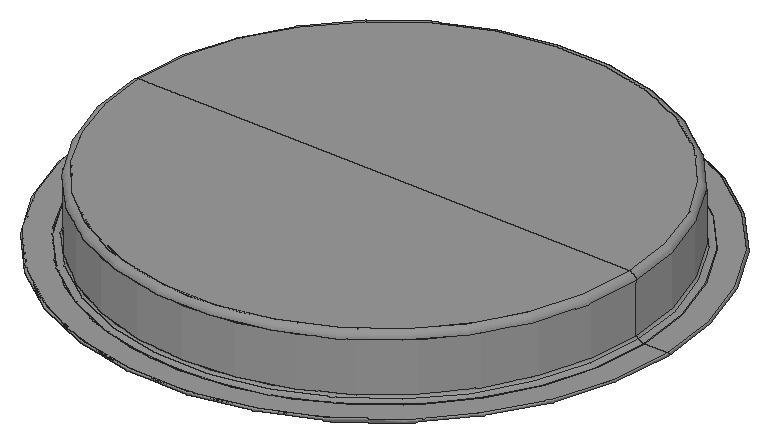
Revit family "MIA12_63_UN_Downlighter_ETK", category Lighting Fixtures, Revit 2017 (continued)
Definition of nested family "MIA.1 - Lightsource"
  Types (8, lengths in mm): name | Wattage | built-in parameter 1150134 | Photometric Web File | built-in parameter 1150142 | built-in parameter 1150105 | Lumens | built-in parameter 1150107 | built-in parameter 1150106
      8072 312.5106 \r\n309.5975 306.3218 303.0219 299.8549 296.9781 293.2914 \r\n289.9674 286.5103 282.8599 279.1249 275.559 271.2559 \r\n267.7868 263.5441 259.2893 255.2278 250.9005 246.7908 \r\n242.0887 237.1208 232.6846 227.8375 223.7157 218.2763 \r\n212.8369 207.3976 202.3812 197.2924 192.2277 186.9334 \r\n181.7237 176.7194 171.4856 166.2758 160.6672 155.2158 \r\n149.8731 144.4216 138.9581 133.6275 128.4298 122.8938 \r\n117.2851 111.8095 106.4306 100.8582 95.3584 89.9432 84.4192 \r\n79.0886 73.758 68.234 62.9034 57.6454 52.4961 47.2984 \r\n42.1492 37.1449 32.2253 27.2936 22.4586 17.7203 13.0062 \r\n8.4492 4.0735 1.1121 0.0604 0.0604 0.0604 0.0604 0.0725 \r\n0.0725 0.0725 0.0846 0.0846 0.0967 0.1088 0.1209 0.1209 \r\n0.133 0.133 0.1571 0.1571 0.1692 0.1813 0.1813 0.1934 \r\n0.2055 0.2055 0.2176 0.2297 0.2297 0.2418 0.2538 0.2538 \r\n0.2659 0.2659 0.278 0.2901 0.2901 0.3022 0.3022 0.3143 \r\n0.3264 0.3264 0.3385 0.3385 0.3505 0.3505 0.3626 0.3626 \r\n0.3747 0.3868 0.3868 0.3868 0.411 0.411 0.4231 0.4231 \r\n0.4352 0.4352 0.4472 0.4472 0.4593 0.4593 0.4593 0.4714 \r\n0.4714 0.4714 0.4835 0.4835 0.4835 0.4956 0.4956 0.5198 \r\n0.5198 0.5319 0.5439 0.5439 0.556 0.5681 0.5802 0.5923 \r\n0.5923 0.6044 0.6044 0.6165 0.6165 0.6165 0.6165 0.6286 \r\n0.6286 0.6286 0.6286 0.6286 0.6286 0.6406 \r\n347.3105 347.2259 347.5644 346.8875 346.0776 344.0106 \r\n343.9018 343.2612 342.1612 340.5657 339.6833 338.0152 \r\n335.8637 334.2923 332.4066 330.5572 328.9254 326.3508 \r\n324.0904 321.5762 319.3521 316.4269 313.5501 311.0117 \r\n308.014 304.968 301.8373 297.9935 295.3947 291.9255 \r\n288.2872 284.9873 281.2764 277.2392 273.4437 269.5032 \r\n265.0671 261.2233 256.8113 253.3664 248.6402 244.1919 \r\n239.5503 235.223 230.5572 225.9398 221.0444 216.2456 \r\n211.2656 206.2734 201.4989 196.5188 191.1761 186.0389 \r\n180.8776 175.4382 170.1438 164.7286 159.2409 154.14 \r\n148.7489 143.2612 137.7372 132.189 126.9431 121.129 \r\n115.9072 110.4194 104.9317 99.4319 93.9925 88.4202 83.1621 \r\n77.6623 72.235 67.0615 61.6826 56.4366 51.1664 46.0534 \r\n40.9525 35.9483 30.9924 26.0486 21.274 16.4511 11.7732 \r\n7.2283 3.0219 0.689 0.0846 0.0846 0.0725 0.0725 0.0725 \r\n0.0725 0.0725 0.0725 0.0725 0.0846 0.0846 0.0967 0.0967 \r\n0.1088 0.1088 0.1209 0.133 0.1451 0.1571 0.1571 0.1692 \r\n0.1813 0.1813 0.1934 0.2055 0.2176 0.2176 0.2297 0.2297 \r\n0.2418 0.2538 0.2659 0.2659 0.278 0.278 0.278 0.2901 0.2901 \r\n0.3022 0.3143 0.3264 0.3264 0.3264 0.3385 0.3385 0.3505 \r\n0.3626 0.3626 0.3868 0.3868 0.3868 0.3989 0.3989 0.411 \r\n0.411 0.4231 0.4352 0.4352 0.4352 0.4352 0.4472 0.4472 \r\n0.4472 0.4593 0.4593 0.4593 0.4714 0.4714 0.4956 0.4956 \r\n0.5077 0.5077 0.5198 0.5439 0.556 0.556 0.556 0.5681 0.5802 \r\n0.5923 0.6165 0.6286 0.6286 0.6286 0.6406 0.6406 0.6406 \r\n0.6406 0.6406 0.6406 0.6406 \r\n346.7666 346.4402 345.9567 345.9446 345.3282 344.204 \r\n343.8293 342.4634 341.1822 340.2998 338.5833 337.3625 \r\n335.9362 333.8813 331.8143 330.2671 327.9463 326.0123 \r\n323.1234 320.851 318.8444 316.161 313.3084 309.9601 307.047 \r\n304.4119 301.0274 298.2352 294.5002 291.164 287.5257 284.25 \r\n280.6479 276.792 273.202 268.9955 264.7286 260.4497 \r\n256.6421 252.0972 247.9874 243.7689 239.3207 234.3406 \r\n229.9045 225.2992 220.0169 214.7347 209.4524 204.3515 \r\n199.033 194.0409 188.9399 184.0687 178.9073 173.8547 \r\n168.5241 163.121 157.8025 152.2422 146.8875 141.4481 \r\n136.0812 130.7869 125.1058 119.7026 114.3721 108.7997 \r\n103.3724 97.8605 92.4816 87.0543 81.6632 76.1876 70.7845 \r\n65.4901 60.1837 54.974 49.8006 44.5062 39.4778 34.4615 \r\n29.5298 24.719 19.896 15.1094 10.4557 5.9591 2.0911 0.2538 \r\n0.0725 0.0725 0.0725 0.0725 0.0725 0.0846 0.0846 0.0967 \r\n0.0967 0.1088 0.1209 0.1209 0.133 0.1451 0.1451 0.1571 \r\n0.1692 0.1692 0.1813 0.1934 0.1934 0.2176 0.2176 0.2297 \r\n0.2297 0.2418 0.2538 0.2538 0.2659 0.278 0.278 0.2901 \r\n0.2901 0.3022 0.3022 0.3143 0.3264 0.3264 0.3385 0.3385 \r\n0.3505 0.3505 0.3626 0.3626 0.3747 0.3747 0.3868 0.3868 \r\n0.3989 0.411 0.4231 0.4231 0.4352 0.4352 0.4472 0.4593 \r\n0.4593 0.4593 0.4714 0.4714 0.4714 0.4835 0.4835 0.4835 \r\n0.4835 0.4956 0.4956 0.5198 0.5198 0.5319 0.5439 0.556 \r\n0.556 0.5681 0.5802 0.5923 0.5923 0.6044 0.6044 0.6165 \r\n0.6165 0.6165 0.6165 0.6286 0.6286 0.6286 0.6286 0.6286 \r\n0.6286 0.6286 0.6406 \r\n348.3742 347.5281 347.0446 347.1171 345.6545 344.7842 \r\n343.8777 343.237 342.1008 340.3965 338.4987 337.5438 \r\n335.912 334.1956 332.2737 329.9529 327.7408 325.8915 \r\n323.3652 320.5488 318.3126 315.8226 312.6315 309.8392 \r\n307.0591 303.2636 300.5198 297.5341 294.0892 290.463 \r\n286.8609 282.6061 279.0161 275.5953 271.2438 267.8956 \r\n263.6287 259.6156 255.0465 251.1302 247.0688 241.9437 \r\n237.6163 232.9385 228.3694 223.6674 218.7598 213.8281 \r\n208.6547 204.0251 198.9605 194.1738 189.0729 183.6335 \r\n178.7381 173.4196 167.9197 162.7342 157.2465 151.8433 \r\n146.2106 140.8316 135.1988 129.832 124.308 118.7477 \r\n113.2117 107.7602 102.3208 97.099 91.5146 86.0389 80.5633 \r\n75.2206 69.7329 64.5111 59.2288 53.9707 48.7731 43.6359 \r\n38.6196 33.6637 28.732 23.7036 18.9653 14.2391 9.537 5.0888 \r\n1.5835 0.1451 0.0846 0.0846 0.0846 0.0846 0.0846 0.0846 \r\n0.0846 0.0846 0.0846 0.0846 0.0846 0.0967 0.0967 0.1209 \r\n0.1209 0.133 0.1451 0.1571 0.1571 0.1571 0.1692 0.1813 \r\n0.1934 0.2055 0.2055 0.2176 0.2297 0.2297 0.2418 0.2418 \r\n0.2538 0.2659 0.2659 0.278 0.278 0.2901 0.2901 0.3022 \r\n0.3022 0.3264 0.3264 0.3264 0.3264 0.3385 0.3385 0.3505 \r\n0.3626 0.3626 0.3747 0.3868 0.3868 0.3989 0.411 0.411 \r\n0.4231 0.4352 0.4352 0.4472 0.4472 0.4472 0.4472 0.4472 \r\n0.4472 0.4593 0.4593 0.4593 0.4714 0.4835 0.4956 0.4956 \r\n0.5077 0.5198 0.5319 0.5439 0.556 0.556 0.5681 0.5681 \r\n0.5802 0.5923 0.6165 0.6286 0.6406 0.6406 0.6406 0.6527 \r\n0.6527 0.6527 0.6648 0.6406 0.6406 \r\n347.794 347.371 346.549 345.9688 345.4491 344.1557 343.1403 \r\n342.959 341.8953 340.8316 339.2965 338.0152 336.5526 \r\n334.2439 332.5758 330.7385 328.2364 325.9277 323.6069 \r\n321.1531 318.0829 315.8951 312.9941 310.1777 306.8174 \r\n304.1702 301.0758 297.6429 294.3914 290.8014 287.2477 \r\n283.7906 280.1644 276.5623 272.1262 268.1736 264.1605 \r\n259.8936 255.7597 251.5774 246.4886 242.3305 237.8581 \r\n233.2165 228.6595 224.2596 218.8323 213.4051 207.9898 \r\n202.9373 197.8847 193.0134 188.0938 182.6544 177.2996 \r\n172.0778 166.6143 161.1386 155.9289 150.6588 145.3161 \r\n139.8042 134.3165 128.7199 123.3893 117.8049 112.4501 \r\n106.902 101.4384 95.9265 90.5597 84.9752 79.4875 74.1569 \r\n68.8867 63.5803 58.153 53.0037 47.8545 42.7052 37.6526 \r\n32.6725 27.7529 22.8938 18.0708 13.3688 8.7393 4.3757 \r\n1.2571 0.0725 0.0725 0.0725 0.0725 0.0846 0.0846 0.0967 \r\n0.1088 0.1088 0.1088 0.1209 0.133 0.1451 0.1451 0.1571 \r\n0.1571 0.1692 0.1813 0.1934 0.1934 0.2055 0.2055 0.2176 \r\n0.2297 0.2418 0.2418 0.2538 0.2659 0.2659 0.278 0.2901 \r\n0.3022 0.3022 0.3022 0.3143 0.3143 0.3264 0.3264 0.3385 \r\n0.3385 0.3505 0.3626 0.3626 0.3747 0.3747 0.3868 0.3989 \r\n0.3989 0.3989 0.411 0.4231 0.4352 0.4352 0.4472 0.4472 \r\n0.4593 0.4593 0.4714 0.4714 0.4835 0.4835 0.4835 0.4835 \r\n0.4835 0.4956 0.4956 0.5077 0.5077 0.5198 0.5319 0.5439 \r\n0.5439 0.556 0.556 0.5681 0.5802 0.5923 0.6044 0.6044 \r\n0.6165 0.6165 0.6165 0.6165 0.6286 0.6286 0.6286 0.6406 \r\n0.6406 0.6286 0.6286 0.6286 0.6406 \r\n346.5369 347.3589 346.6941 345.5578 344.8689 344.5546 \r\n343.6843 342.4755 341.2909 340.0701 337.979 336.4439 \r\n334.7033 332.878 330.8957 328.7804 326.242 324.5497 \r\n322.4828 319.6543 317.128 314.1061 311.5073 308.9568 \r\n306.1767 302.4538 299.6857 296.2045 292.9772 289.0729 \r\n285.5796 282.1588 278.4238 274.3503 270.4219 266.6747 \r\n262.3595 258.2618 253.7773 249.5105 245.026 240.8558 \r\n236.0571 231.5242 226.7376 221.9267 217.5269 212.4622 \r\n207.3009 202.3208 197.1232 192.2398 187.2598 182.1226 \r\n176.5623 171.4614 166.1912 160.8969 155.4817 150.1632 \r\n144.748 139.1877 133.6637 128.043 122.5553 117.1038 \r\n111.6403 106.1646 100.7011 95.2133 89.7981 84.5763 78.9073 \r\n73.6371 68.1857 63.0968 57.6816 52.5565 47.371 42.2338 \r\n37.1328 32.2495 27.342 22.4707 17.7324 13.0424 8.425 4.0856 \r\n1.1604 0.1088 0.0846 0.0846 0.0846 0.0846 0.0846 0.0846 \r\n0.0846 0.0846 0.0846 0.0846 0.0967 0.1088 0.1209 0.1209 \r\n0.133 0.1451 0.1451 0.1571 0.1692 0.1813 0.1813 0.2055 \r\n0.2055 0.2176 0.2176 0.2176 0.2297 0.2418 0.2538 0.2659 \r\n0.2659 0.2659 0.278 0.278 0.2901 0.2901 0.3022 0.3143 \r\n0.3264 0.3264 0.3264 0.3264 0.3385 0.3385 0.3505 0.3626 \r\n0.3747 0.3868 0.3868 0.3868 0.3989 0.411 0.411 0.4231 \r\n0.4352 0.4472 0.4352 0.4472 0.4472 0.4472 0.4472 0.4593 \r\n0.4593 0.4593 0.4593 0.4714 0.4714 0.4956 0.4956 0.5077 \r\n0.5077 0.5198 0.5319 0.556 0.556 0.556 0.5681 0.5681 0.5802 \r\n0.6044 0.6286 0.6286 0.6406 0.6406 0.6406 0.6648 0.6648 \r\n0.6648 0.6648 0.6527 0.6406 \r\n347.0688 347.0204 346.4402 345.8238 345.4249 344.7722 \r\n343.9502 343.0315 341.6536 340.2031 338.68 337.1812 \r\n335.2593 333.3011 331.3067 329.4935 327.5474 325.2025 \r\n322.7124 320.0894 317.3818 314.9039 312.3776 309.3678 \r\n306.5393 303.4329 300.133 296.8814 293.6299 290.0157 \r\n286.7158 282.8116 279.2095 275.2689 271.3042 267.0374 \r\n262.8792 258.8662 254.5509 250.3082 245.9567 241.5327 \r\n236.7098 232.2253 227.4024 223.1355 217.5269 211.9304 \r\n207.0833 202.1516 197.4374 192.0343 186.8004 181.9775 \r\n176.5986 171.2196 165.8286 160.5464 155.0949 149.6313 \r\n144.059 138.813 133.5187 127.9342 122.519 116.9709 111.5073 \r\n106.08 100.5681 95.1287 89.7377 84.3467 78.8469 73.3591 \r\n68.0648 62.6858 57.4761 52.2785 47.2138 42.0283 36.8911 \r\n31.9715 27.0277 22.1806 17.5148 12.7886 8.2558 3.9889 \r\n1.0758 0.0725 0.0725 0.0725 0.0846 0.0846 0.0846 0.0967 \r\n0.0967 0.1088 0.1209 0.1209 0.133 0.1451 0.1571 0.1571 \r\n0.1692 0.1813 0.1813 0.1934 0.2055 0.2176 0.2297 0.2297 \r\n0.2418 0.2418 0.2538 0.2659 0.2659 0.278 0.2901 0.2901 \r\n0.3022 0.3022 0.3143 0.3264 0.3264 0.3264 0.3385 0.3505 \r\n0.3505 0.3626 0.3626 0.3626 0.3747 0.3868 0.3868 0.3989 \r\n0.3989 0.411 0.411 0.4231 0.4352 0.4352 0.4472 0.4593 \r\n0.4593 0.4714 0.4714 0.4714 0.4835 0.4835 0.4835 0.4956 \r\n0.4956 0.4956 0.4956 0.5077 0.5077 0.5198 0.5319 0.5439 \r\n0.5439 0.556 0.5681 0.5681 0.5923 0.5923 0.6044 0.6044 \r\n0.6165 0.6286 0.6286 0.6286 0.6286 0.6286 0.6406 0.6406 \r\n0.6406 0.6406 0.6406 0.6406 0.6406 \r\n347.794 347.5885 347.0083 346.0293 345.9084 344.9776 \r\n343.4304 342.1612 341.9437 339.8404 338.813 337.3988 \r\n335.3922 333.5549 331.6088 329.7836 327.8134 325.42 \r\n322.7366 320.1982 317.5752 314.4446 312.148 309.4041 \r\n306.4547 302.8889 300.2176 296.5913 293.2431 289.5806 \r\n285.7851 282.7028 279.004 275.3052 270.8812 267.1945 \r\n262.9759 258.8058 254.3334 250.1632 245.7029 241.436 \r\n236.746 232.2495 227.5595 222.785 217.7324 213.0424 \r\n207.9778 203.1307 197.788 192.6508 187.707 182.8478 \r\n177.5656 172.2954 166.5659 161.3441 155.8564 150.5016 \r\n145.0381 139.7921 134.4252 128.4057 123.0992 117.4665 \r\n111.9666 106.4789 100.9791 95.576 90.0641 84.7576 79.2337 \r\n73.8184 68.4758 63.1452 57.8992 52.7257 47.5885 42.4755 \r\n37.3262 32.4066 27.4266 22.6399 17.8774 13.2117 8.6547 \r\n4.3032 1.2813 0.1088 0.0846 0.0846 0.0846 0.0846 0.0846 \r\n0.0846 0.0846 0.0846 0.0967 0.0967 0.0967 0.1088 0.1088 \r\n0.1209 0.133 0.1571 0.1571 0.1571 0.1692 0.1813 0.1934 \r\n0.2055 0.2176 0.2055 0.2176 0.2297 0.2418 0.2418 0.2538 \r\n0.2659 0.2659 0.278 0.278 0.2901 0.2901 0.3022 0.3264 \r\n0.3264 0.3264 0.3264 0.3264 0.3385 0.3505 0.3505 0.3505 \r\n0.3747 0.3747 0.3868 0.3868 0.3989 0.3989 0.3989 0.4231 \r\n0.4352 0.4352 0.4472 0.4472 0.4472 0.4472 0.4472 0.4593 \r\n0.4593 0.4593 0.4714 0.4714 0.4714 0.4714 0.4956 0.5077 \r\n0.5077 0.5077 0.5319 0.5319 0.556 0.556 0.556 0.5681 0.5802 \r\n0.5802 0.6044 0.6286 0.6406 0.6406 0.6527 0.6648 0.6769 \r\n0.6769 0.6769 0.6769 0.6527 0.6406 \r\n347.4918 347.4556 347.4556 346.5853 345.7633 345.2194 \r\n344.5062 343.2733 341.581 341.2426 340.5899 338.3053 \r\n336.4318 334.5582 333.3495 331.8627 329.8682 327.2211 \r\n325.4805 323.4014 320.7422 318.4093 315.6171 312.7644 \r\n309.3195 306.4668 303.6383 300.0363 296.7243 292.7354 \r\n290.6322 287.6224 283.5489 279.7292 275.5107 271.7152 \r\n266.9527 264.6803 259.1563 254.9015 250.1994 246.0413 \r\n241.3756 237.3262 232.6363 228.0189 222.9542 217.9862 \r\n212.704 207.5184 202.7076 197.5221 192.4816 187.1389 \r\n182.4006 176.5744 171.0141 165.5627 160.4134 154.841 \r\n148.9061 143.4063 137.8944 132.2857 126.5079 121.0081 \r\n115.2665 109.5975 103.9284 98.2594 93.1222 87.0301 81.8687 \r\n76.1272 70.5669 65.0792 59.8453 54.2488 49.039 43.8051 \r\n38.5713 33.5308 28.4661 23.5223 18.6389 13.8523 9.1261 4.69 \r\n1.4868 0.1571 0.133 0.133 0.133 0.133 0.1451 0.1451 0.1451 \r\n0.1451 0.1451 0.1451 0.1451 0.1571 0.1692 0.1813 0.1934 \r\n0.2055 0.2055 0.2176 0.2297 0.2418 0.2538 0.2659 0.2659 \r\n0.278 0.2901 0.3022 0.3143 0.3264 0.3264 0.3385 0.3385 \r\n0.3505 0.3626 0.3626 0.3747 0.3747 0.3868 0.3989 0.3989 \r\n0.411 0.411 0.4352 0.4352 0.4352 0.4472 0.4472 0.4472 \r\n0.4593 0.4714 0.4714 0.4835 0.4835 0.4956 0.4956 0.4956 \r\n0.5077 0.5077 0.5077 0.5198 0.5319 0.5439 0.5439 0.5439 \r\n0.556 0.556 0.556 0.556 0.556 0.556 0.556 0.556 0.556 0.556 \r\n0.556 0.556 0.556 0.556 0.5681 0.5681 0.5802 0.5802 0.6165 \r\n0.6406 0.6648 0.6648 0.6769 0.6769 0.6769 0.6769 0.6769 \r\n0.6406 \r\n348.6764 349.6434 348.4468 348.1446 347.9753 346.8512 \r\n345.9688 344.9535 344.337 342.7535 342.1612 341.3151 \r\n338.7526 337.5076 335.6098 334.1593 331.3187 329.8924 \r\n327.487 326.0002 322.9058 320.3916 317.6115 315.1457 \r\n312.3414 309.4524 306.0558 303.2757 299.9637 296.6759 \r\n292.9772 289.6531 286.1235 282.4973 277.9524 274.169 \r\n270.2889 266.1912 262.1903 257.6212 253.1971 248.8215 \r\n244.3612 239.635 235.078 230.666 225.6739 220.1499 214.6259 \r\n209.114 204.279 198.9846 193.7024 188.4806 183.2346 \r\n177.9886 172.5734 166.989 161.4287 155.9531 150.5137 \r\n144.8809 139.3207 133.5912 128.0068 122.374 116.7412 \r\n111.2897 105.6086 99.6736 93.9079 88.4564 82.9566 77.3963 \r\n71.9811 66.4451 60.9452 55.7355 50.1994 44.9414 39.6229 \r\n34.5703 29.4694 24.4893 19.5455 14.7105 10.0447 5.4998 \r\n1.8252 0.1934 0.1088 0.1088 0.1209 0.1209 0.1209 0.1209 \r\n0.133 0.133 0.1451 0.1571 0.1571 0.1813 0.1934 0.2055 \r\n0.2055 0.2176 0.2297 0.2418 0.2538 0.2538 0.2659 0.278 \r\n0.2901 0.2901 0.3022 0.3143 0.3264 0.3385 0.3385 0.3505 \r\n0.3626 0.3747 0.3747 0.3868 0.3868 0.3868 0.3989 0.411 \r\n0.4231 0.4352 0.4352 0.4472 0.4472 0.4593 0.4593 0.4714 \r\n0.4714 0.4835 0.4956 0.4956 0.4956 0.4956 0.5077 0.5077 \r\n0.5198 0.5198 0.5319 0.5319 0.5319 0.5319 0.5319 0.5319 \r\n0.5439 0.5439 0.5439 0.5439 0.5439 0.5439 0.5439 0.5439 \r\n0.5439 0.5439 0.556 0.556 0.5681 0.5681 0.5681 0.5802 \r\n0.5923 0.5923 0.6044 0.6406 0.6527 0.6527 0.6648 0.6648 \r\n0.6648 0.6769 0.6648 0.6406 0.6406 \r\n347.5281 347.8666 347.5765 347.105 347.7094 346.2952 \r\n345.2677 344.059 343.6238 343.5392 342.2217 340.336 \r\n339.1515 337.4109 335.5494 333.4582 331.2825 329.5177 \r\n327.354 325.3596 323.0751 320.8751 317.7807 314.5171 \r\n312.2326 309.5491 306.1525 302.623 299.5528 296.41 293.6057 \r\n290.197 286.2202 282.3039 278.448 275.1481 270.8933 266.711 \r\n262.0815 258.008 253.4147 248.8336 244.6271 240.1547 \r\n235.5373 230.4364 225.831 221.3345 216.1731 210.8546 \r\n205.6086 200.6527 195.6364 190.2816 185.1082 179.56 174.169 \r\n168.7296 163.2902 158.1289 152.4235 146.6578 141.0371 \r\n135.3197 129.6869 124.0662 118.3609 112.7402 107.1437 \r\n101.5472 95.9023 90.3179 84.6005 78.9556 73.3591 67.823 \r\n62.3837 57.1256 51.6016 46.2952 41.0734 36.0087 30.8715 \r\n25.8068 20.863 16.0039 11.2535 6.6481 2.623 0.5319 0.133 \r\n0.133 0.133 0.133 0.133 0.133 0.133 0.133 0.133 0.133 \r\n0.1451 0.1571 0.1692 0.1692 0.1813 0.1934 0.2055 0.2176 \r\n0.2176 0.2176 0.2418 0.2418 0.2659 0.2659 0.278 0.278 \r\n0.2901 0.3022 0.3264 0.3264 0.3264 0.3385 0.3505 0.3505 \r\n0.3505 0.3626 0.3626 0.3868 0.3868 0.3868 0.3989 0.411 \r\n0.4231 0.4352 0.4352 0.4472 0.4472 0.4472 0.4593 0.4593 \r\n0.4714 0.4835 0.4956 0.4956 0.4956 0.4956 0.4956 0.5077 \r\n0.5077 0.5198 0.5198 0.5439 0.556 0.556 0.556 0.556 0.556 \r\n0.556 0.556 0.556 0.556 0.556 0.556 0.556 0.556 0.556 0.556 \r\n0.556 0.556 0.556 0.5681 0.6165 0.6406 0.6406 0.6648 0.6769 \r\n0.6769 0.6769 0.6769 0.6648 0.6406 \r\n348.1083 347.1534 347.3831 347.4918 347.3347 346.5248 \r\n346.0051 345.2436 343.648 342.7656 341.4843 340.4569 \r\n339.1635 337.5317 336.3472 334.3527 332.4791 330.4605 \r\n328.2364 326.0002 323.6069 321.0564 3
      18.2159 316.294 \r\n312.4622 310.3227 307.2404 303.6504 301.0879 297.6188 \r\n294.1376 290.463 287.1993 283.5368 279.7534 275.7283 \r\n272.2833 268.0285 263.5441 259.386 255.4212 250.3082 \r\n246.3798 241.8107 237.3746 232.455 227.6562 223.6311 \r\n218.0104 212.3897 206.7811 201.6923 196.4463 191.2003 \r\n185.8576 180.8292 175.281 169.5757 164.2814 158.8904 \r\n153.5598 147.9874 142.5239 136.7944 131.2462 125.5893 \r\n119.8598 113.9732 108.4733 102.7922 97.244 91.6959 86.1114 \r\n80.5028 74.8942 69.3582 63.8704 58.3464 53.0521 47.7336 \r\n42.5239 37.2416 32.177 27.209 22.2289 17.3577 12.571 7.9778 \r\n3.59 0.9791 0.0967 0.1088 0.1088 0.1088 0.1209 0.1209 0.133 \r\n0.133 0.1451 0.1571 0.1571 0.1692 0.1813 0.1813 0.1934 \r\n0.2055 0.2176 0.2297 0.2297 0.2418 0.2538 0.2538 0.2659 \r\n0.278 0.2901 0.3022 0.3143 0.3264 0.3264 0.3385 0.3505 \r\n0.3505 0.3626 0.3747 0.3747 0.3747 0.3868 0.3989 0.3989 \r\n0.411 0.4231 0.4231 0.4352 0.4472 0.4593 0.4593 0.4593 \r\n0.4714 0.4714 0.4835 0.4956 0.4956 0.4956 0.4956 0.5077 \r\n0.5198 0.5198 0.5198 0.5198 0.5198 0.5198 0.5198 0.5198 \r\n0.5319 0.5319 0.5319 0.5319 0.5319 0.5319 0.5319 0.5439 \r\n0.5439 0.5439 0.556 0.556 0.556 0.5681 0.5681 0.5802 0.5923 \r\n0.6044 0.6165 0.6165 0.6286 0.6406 0.6406 0.6527 0.6406 \r\n0.6406 0.6406 0.6406 \r\n347.5765 347.5039 347.6852 347.6611 346.96 345.9446 \r\n345.3403 344.8809 343.7931 343.1887 341.9195 340.3239 \r\n338.9581 337.435 335.767 334.0505 332.2253 330.0979 \r\n328.4177 326.0002 323.7278 321.2982 318.6631 316.1247 \r\n313.2842 310.0085 307.3009 304.2065 300.9428 297.3891 \r\n294.0529 290.6805 287.5982 283.8994 280.0677 276.526 \r\n272.4163 268.2945 264.1243 260.1837 255.8806 251.5412 \r\n246.8633 242.3063 238.0998 232.9868 228.2727 223.5586 \r\n218.4939 213.2842 208.3646 203.5054 198.5011 193.2793 \r\n188.3839 182.872 176.9975 171.6548 166.3121 161.1266 \r\n155.6872 149.9214 144.2766 138.5713 133.0231 127.2332 \r\n121.7938 115.9797 110.3832 104.7867 99.178 93.4969 87.985 \r\n82.2434 76.7799 71.0988 65.6956 60.3409 54.9377 49.6313 \r\n44.2403 39.0668 33.8934 28.8166 23.8487 18.9653 14.1787 \r\n9.4524 4.9438 1.5472 0.1692 0.1209 0.133 0.133 0.133 0.133 \r\n0.133 0.133 0.133 0.133 0.133 0.1451 0.1451 0.1571 0.1692 \r\n0.1692 0.1813 0.1934 0.2055 0.2176 0.2176 0.2297 0.2418 \r\n0.2659 0.2659 0.2659 0.278 0.2901 0.2901 0.3143 0.3143 \r\n0.3264 0.3385 0.3385 0.3385 0.3505 0.3505 0.3747 0.3868 \r\n0.3868 0.3868 0.3989 0.411 0.4231 0.4231 0.4352 0.4472 \r\n0.4472 0.4472 0.4593 0.4593 0.4714 0.4835 0.4835 0.4835 \r\n0.4956 0.4956 0.4956 0.5077 0.5077 0.5198 0.5198 0.5319 \r\n0.5319 0.5319 0.5319 0.5319 0.5319 0.5319 0.5319 0.5439 \r\n0.5439 0.5439 0.5439 0.5439 0.5439 0.5439 0.556 0.556 0.556 \r\n0.5802 0.6165 0.6286 0.6406 0.6527 0.6769 0.6769 0.6769 \r\n0.6769 0.6648 0.6406 \r\n347.3105 347.3226 348.0358 346.96 347.0446 346.1018 \r\n345.4853 345.3282 344.4337 344.1436 342.2096 341.5569 \r\n340.1426 338.7405 336.8669 335.1021 333.1198 331.1495 \r\n329.4331 326.9914 325.6134 322.3982 320.6213 318.2521 \r\n314.9281 311.7732 309.2228 306.5152 302.7439 299.867 \r\n296.3254 293.1222 289.2784 286.4015 282.1347 278.1941 \r\n274.5195 270.857 266.2517 262.154 258.2497 253.5477 \r\n249.3171 245.0864 240.6382 235.8153 231.4517 226.6771 \r\n221.0927 215.5083 209.9238 204.5449 199.2143 193.9562 \r\n189.2663 183.706 178.5084 173.4075 168.5604 162.9397 \r\n157.186 151.5895 146.1743 140.3965 134.7879 128.9254 \r\n123.2806 117.817 112.2688 106.4064 100.9428 95.1529 89.4718 \r\n84.0566 78.4117 72.8514 67.3033 61.9122 56.5454 51.106 \r\n45.86 40.602 35.4043 30.3276 25.3113 20.3916 15.4599 \r\n10.8062 6.1767 2.212 0.3505 0.0967 0.1088 0.1088 0.1088 \r\n0.1209 0.1209 0.133 0.133 0.1451 0.1451 0.1571 0.1692 \r\n0.1813 0.1934 0.1934 0.2055 0.2176 0.2176 0.2418 0.2418 \r\n0.2538 0.2538 0.2659 0.278 0.2901 0.3022 0.3143 0.3264 \r\n0.3264 0.3385 0.3505 0.3626 0.3626 0.3626 0.3747 0.3747 \r\n0.3868 0.3989 0.411 0.4231 0.4231 0.4231 0.4352 0.4472 \r\n0.4593 0.4593 0.4714 0.4714 0.4835 0.4956 0.4956 0.5077 \r\n0.5077 0.5077 0.5198 0.5198 0.5198 0.5319 0.5319 0.5319 \r\n0.5319 0.5319 0.5319 0.5319 0.5319 0.5319 0.5319 0.5319 \r\n0.5439 0.5439 0.5439 0.5439 0.556 0.556 0.556 0.5681 0.5681 \r\n0.5802 0.5923 0.5923 0.6044 0.6044 0.6165 0.6165 0.6286 \r\n0.6286 0.6286 0.6286 0.6286 0.6406 \r\n" | 87.535 (stored number, unit not read) | 1100 lm | 4000 (stored number, unit not read) | 0.87535 (stored number, unit not read)
